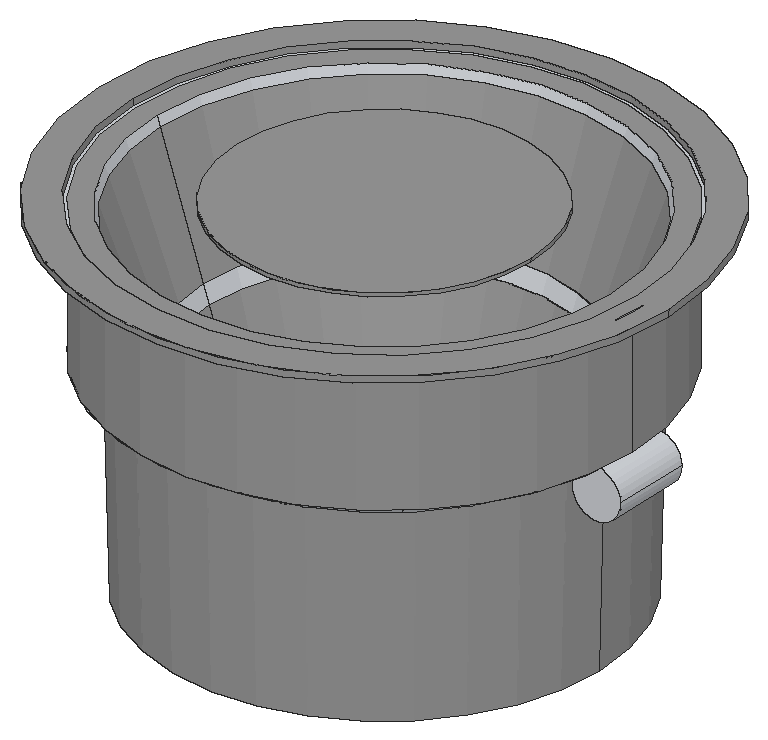
Revit family "2070239", category Lighting Fixtures, host Face, Revit 2018
Family settings
  Host = Face
  Round Connector Dimension = Use Diameter
  Part Type = Normal
  OmniClass Number = 23.80.70.00
  OmniClass Title = Lighting
  Cut with Voids When Loaded = No
  Light Source = Yes
  Shared = No
  Room Calculation Point = No
Parameters (values of type "2070239 SOLST 150 1900LM 930  SSC SB")
  Weight = "n/a"
  Wattage Comments = ""
  Wattage = 9.2903 W
  WarrantyStartDate [instance] = "n/a"
  WarrantyGuarantorParts = "n/a"
  WarrantyDurationUnit = "n/a"
  WarrantyDurationParts = ""
  WarrantyDescription = "http://www.sylvania-lighting.com"
  built-in parameter 1150110 = 1 (stored number, unit not read)
  Voltage = 0 V
  URL = "0.96"
  TypeName = "Solstice 150 1900lm 930  SSC SB"
  Type Image = <None>
  Type Comments = "n/a"
  built-in parameter 1114217 = 1 (stored number, unit not read)
  Tilt Angle = -90.00°
  built-in parameter 1150109 = 1 (stored number, unit not read)
  built-in parameter 1150134 = 3
  built-in parameter 1150113 = 1 (stored number, unit not read)
  SerialNumber [instance] = "n/a"
  Photometric Web File = "2070239.IES"
  Material_3_SYL = none
  PowerFactor = 0
  PowerConsumption = "Lighting"
  NominalLength = 165 mm
  NominalHeight = 45 mm
  NominalDepth = 165 mm
  Name = "Solstice 150 1900lm 930  SSC SB"
  ModelReference = Name  # "Solstice 150 1900lm 930  SSC SB"
  ModelNumber = "2070239"
  Model = Name  # "Solstice 150 1900lm 930  SSC SB"
  Material = "Feilo Sylvania"
  ManufacturerName = "127 lm/W"
  Manufacturer = ""
  LuminousEfficacy = ""
  built-in parameter 1150105 = 109.82 (stored number, unit not read)
  Lumens = 1380 lm
  LuminaireType = "0"
  built-in parameter 1150115 = 1 (stored number, unit not read)
  LightOutputRatio = "LED"
  built-in parameter 1150137 = (empty or 0)
  built-in parameter 1150139 = (empty or 0)
  LampsType = Lamp  # "n/a"
  LampNominalLuminous = "3000 K"
  LampMacAdamStep = "90"
  LampColourTemperature = "LED"
  LampColourRenderingIndex = "16500"
  built-in parameter 1150112 = 1 (stored number, unit not read)
  built-in parameter 1150114 = 1 (stored number, unit not read)
  Lamp = "n/a"
  Keynote = "n/a"
  InstallationDate [instance] = "n/a"
  InputVoltage = "0"
  InputNominalFrequency = "3000"
  built-in parameter 1150132 = (empty or 0)
  built-in parameter 1150102 = (empty or 0)
  built-in parameter 1150107 = 3200 (stored number, unit not read)
  built-in parameter 1150138 = (empty or 0)
  IngressProtection = "IfcLightFixtureType"
  ImpactProtectionIndex = "IfcLightFixtureType"
  built-in parameter 1150106 = 1.0982 (stored number, unit not read)
  IfcExportType = "IfcLightFixtureType"
  IfcExportAs = "Class II"
  Emit from Circle Diameter = 609.6 mm
  Emit Shape Visible in Rendering = no
  ElectricShockClassification = "127"
  built-in parameter 1150104 = 13.8 (stored number, unit not read)
  DocumentationLiterature = "http://www.sylvania-lighting.com/product/en-int/products/2070239"
  DimmingControlOptions = "n/a"
  Material_2_SYL = none
  Dimming Lamp Color Temperature Shift = <None>
  Description = "The Solstice 150 1900lm 930  SSC SBis a high efficient SSC SBdimmable downlight luminaire, Colour rendering index Ra>90, Colour temperature: 3000K Warm White, Class II, Protection rating IP40/IP20, Cut out dimensions: 200mm."
  Default Elevation = 1219.2 mm
  CreatedOn = "03/08/2023"
  CreatedBy = "@sylvania-lighting.com"
  Cost = 0
  Color Filter = 16777215
  built-in parameter 1114216 [instance] = (empty or 0)
  ClassificationValue = "EF_70_80"
  ClassificationName = "Uniclass2015"
  Material_1_SYL = none
  BarCode [instance] = "n/a"
  built-in parameter 1114218 = 1 (stored number, unit not read)
  built-in parameter 1150133 = 10 (stored number, unit not read)
  AssetType = "Fixed"
  AssetIdentifier [instance] = "n/a"
  Assembly Code = "D5020200"
  Apparent Load = 15 VA
  Material_4_SYL = none
Reference planes
  plane 1 "Center (Front/Back)": y = 0
  plane 2: z = 0
  plane 3 "Center (Left/Right)": x = 0
  plane 4: x = -82.5
  plane 5: x = 82.5
  plane 6: y = 82.5
  plane 7: y = -82.5
  plane 8: y = 75
  plane 9: y = -75
  plane 10: y = 73
  plane 11: y = -73
  plane 12: x = 73
  plane 13: x = 75
  plane 14: x = 66
  plane 15: z = 3.8
  plane 16: x = -66.957
  plane 17: x = -66
  plane 18: z = -43.942
  plane 19: x = 66.001
  plane 20: x = 64.013
  plane 21: x = -64
  plane 22: z = -45.791
  plane 23: x = 69.732
Forms (mm)
  Extrusion 1, void
    sketch origin (0, 0, 0) x (1, 0, 0) y (0, 1, 0)
      loop
        circle (0, 0) r 75
    from -93.856 to 21.107
  Blend 2, solid, material "Aluminum"
    base sketch origin (0, 0, 0) x (1, 0, 0) y (0, 1, 0)
      loop
        circle (0, 0) r 82.5
    top sketch origin (0, 0, 0) x (1, 0, 0) y (0, 1, 0)
      loop
        circle (0, 0) r 82.5
    from 0 to 1.8
  Extrusion 3, void
    sketch origin (0, 0, 0) x (1, 0, 0) y (0, 1, 0)
      loop
        circle (0, 0) r 73
    from 0 to 1.8
  Blend 4, solid, material "Aluminum"
    base sketch origin (0, 0, 0) x (1, 0, 0) y (0, 1, 0)
      loop
        circle (0, 0) r 72
    top sketch origin (0, 0, 0) x (1, 0, 0) y (0, 1, 0)
      loop
        circle (0, 0) r 72
    from -38.989 to 0
  Blend 5, solid
    base sketch origin (0, 0, 0) x (1, 0, 0) y (0, 1, 0)
      loop
        circle (0, 0) r 75
    top sketch origin (0, 0, 0) x (1, 0, 0) y (0, 1, 0)
      loop
        circle (0, 0) r 72
    from 0 to -2.5
  Blend 6, solid
    base sketch origin (0, 0, 0) x (1, 0, 0) y (0, 1, 0)
      loop
        circle (0, 0) r 64
    top sketch origin (0, 0, 0) x (1, 0, 0) y (0, 1, 0)
      loop
        circle (0, 0) r 72
    from -43.942 to -38.989
  Blend 7, solid, material "Aluminum"
    base sketch origin (0, 0, 0) x (1, 0, 0) y (0, 1, 0)
      loop
        circle (0, 0) r 62.5
    top sketch origin (0, 0, 0) x (1, 0, 0) y (0, 1, 0)
      loop
        circle (0, 0) r 64
    from -98.977 to -43.942
  Blend 8, void
    base sketch origin (0, 1219.2, 38) x (1, 0, 0) y (0, 1, 0)
      loop
        circle (0, -1219.2) r 66.5
    top sketch origin (0, 1219.2, 38) x (1, 0, 0) y (0, 1, 0)
      loop
        circle (0, -1219.2) r 42.5
    from -36.2 to -106.2
  Extrusion 9, solid, material "Glass, White, High Luminance", detail levels fine
    sketch origin (0, 0, 0) x (1, 0, 0) y (0, 1, 0)
      loop
        circle (0, 0) r 42.5
    from 0 to 1
  Extrusion 10, solid
    sketch origin (0, 0, 0) x (1, 0, 0) y (0, 0, 1)
      loop
        circle (70.068, -45.791) r 7
    from -11.421 to 10.579
Cuts and joins
  Extrusion 3 cuts Blend 2
  Blend 8 cuts Blend 5
  Extrusion 3, Blend 8 cuts Blend 4
  Blend 8 cuts Blend 6
  Blend 8 cuts Blend 7
Dimensions and locks
  "NominalLength": plane 4 to plane 5
  equal spacing: plane 4, plane 3 "Center (Left/Right)", plane 5
  "NominalDepth": plane 6 to plane 7
  equal spacing: plane 6, plane 1 "Center (Front/Back)", plane 7
  aligned and locked: plane 2 to host face
  aligned and locked: level to host face
Automatic sketch dimensions
  host sketch curve to host sketch curve = 2438.4 mm  (x2)
  plane 1 "Center (Front/Back)" to Extrusion 1 sketch curve = 0 mm
  Extrusion 1 sketch curve to plane 3 "Center (Left/Right)" = 0 mm
  plane 1 "Center (Front/Back)" to Blend 2 sketch curve = 0 mm  (x2)
  Blend 2 sketch curve to plane 3 "Center (Left/Right)" = 0 mm  (x2)
  plane 1 "Center (Front/Back)" to Extrusion 3 sketch curve = 0 mm
  Extrusion 3 sketch curve to plane 3 "Center (Left/Right)" = 0 mm
  plane 1 "Center (Front/Back)" to Blend 4 sketch curve = 0 mm  (x2)
  Blend 4 sketch curve to plane 3 "Center (Left/Right)" = 0 mm  (x2)
  plane 1 "Center (Front/Back)" to Blend 5 sketch curve = 0 mm  (x2)
  Blend 5 sketch curve to plane 3 "Center (Left/Right)" = 0 mm  (x2)
  plane 1 "Center (Front/Back)" to Blend 6 sketch curve = 0 mm  (x2)
  Blend 6 sketch curve to plane 3 "Center (Left/Right)" = 0 mm  (x2)
  plane 1 "Center (Front/Back)" to Blend 7 sketch curve = 0 mm  (x2)
  Blend 7 sketch curve to plane 3 "Center (Left/Right)" = 0 mm  (x2)
  plane 1 "Center (Front/Back)" to Blend 8 sketch curve = 0 mm  (x2)
  Blend 8 sketch curve to plane 3 "Center (Left/Right)" = 0 mm  (x2)
  plane 1 "Center (Front/Back)" to Extrusion 9 sketch curve = 0 mm
  Extrusion 9 sketch curve to plane 3 "Center (Left/Right)" = 0 mm
  plane 12 to Extrusion 10 sketch curve = 2.932 mm
  Extrusion 10 sketch curve to plane 18 = 1.849 mm
  radius of Extrusion 1 sketch curve = 75 mm
  radius of Blend 2 sketch curve = 82.5 mm  (x2)
  radius of Extrusion 3 sketch curve = 73 mm
  radius of Blend 4 sketch curve = 72 mm  (x2)
  radius of Blend 5 sketch curve = 75 mm
  radius of Blend 5 sketch curve = 72 mm
  radius of Blend 6 sketch curve = 64 mm
  radius of Blend 6 sketch curve = 72 mm
  radius of Blend 7 sketch curve = 62.5 mm
  radius of Blend 7 sketch curve = 64 mm
  radius of Blend 8 sketch curve = 66.5 mm
  radius of Blend 8 sketch curve = 42.5 mm
  radius of Extrusion 9 sketch curve = 42.5 mm
  radius of Extrusion 10 sketch curve = 7 mm
Connectors
  electrical at (0, 0, 0), driven by "Apparent Load", driven by "PowerFactor", driven by "Voltage"
    settings: index 1, voltage 0 V, apparent load 15 VA, apparent load phase1 0 VA, apparent load phase2 0 VA, apparent load phase3 0 VA, power factor 0, load classification "Lighting", number of poles 1, system type 30, power factor state 1, is connector primary yes, connector utility no, sub classification motor no, connector description ""
